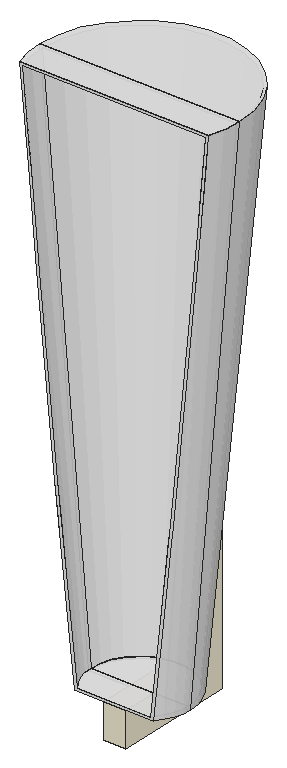
Revit family "3-589-124-Song Bird", category Lighting Fixtures, host Wall, Revit 2019
Family settings
  Host = Wall
  Round Connector Dimension = Use Diameter
  Part Type = Normal
  OmniClass Number = 23.80.70.00
  OmniClass Title = Lighting
  Always vertical = Yes
  Cut with Voids When Loaded = No
  Light Source = Yes
  Shared = No
  Room Calculation Point = No
Parameters (values of type "3-589-124 / Satin Nickel - Matte Opal Glass")
  Wattage Comments = "1 x 10.1W at 120"  # constant formula
  Wattage = 9.2903 W
  built-in parameter 1150110 = 1 (stored number, unit not read)
  Voltage Input = "120 V or 277 V - 50/60 Hz"  # constant formula
  Voltage = 120 V
  URL = "www.oxygenlighting.com"
  built-in parameter 1114217 = 1 (stored number, unit not read)
  built-in parameter 1150109 = 1 (stored number, unit not read)
  built-in parameter 1150134 = (empty or 0)
  built-in parameter 1150113 = 1 (stored number, unit not read)
  References = "Ref. 3 = 120 V / Ref. 37 = 277 V"  # constant formula
  Model = "3-589-124 / SongBird"  # constant formula
  Metal Finish = 24 - Satin Nickel
  Manufacturer = "Oxygen Lighting and Fans"  # constant formula
  Main Diffuser = Matte Opal Glass
  Lumens = 1380 lm
  built-in parameter 1150115 = 1 (stored number, unit not read)
  built-in parameter 1150105 = 109.82 (stored number, unit not read)
  Light Source Symbol Size = 24.00"
  built-in parameter 1150137 = (empty or 0)
  built-in parameter 1150139 = (empty or 0)
  built-in parameter 1150112 = 1 (stored number, unit not read)
  built-in parameter 1150114 = 1 (stored number, unit not read)
  Lamp = "LED Array"  # constant formula
  built-in parameter 1150132 = 2
  built-in parameter 1150102 = (empty or 0)
  built-in parameter 1150138 = (empty or 0)
  built-in parameter 1150107 = 3000 (stored number, unit not read)
  built-in parameter 1150106 = 1.0982 (stored number, unit not read)
  built-in parameter 1150104 = 13.8 (stored number, unit not read)
  Dimming Lamp Color Temperature Shift = <None>
  Color Filter = 16777215
  built-in parameter 1114218 = 1 (stored number, unit not read)
  built-in parameter 1150133 = 10 (stored number, unit not read)
Reference planes (in)
  plane 1: y = 0
  plane 2 "Light Source Axis (L/R)": x = 4.92126
  plane 3 "Light Source Axis (F/R)": y = 4.25
  plane 4 "Light Source Elevation": z = 45.66929
  plane 5: y = 2.95276
  plane 6: z = 53.01424
Text (in)
  text "Placement side" at (-70.3598, 43.96769, 0), in view "Ref. Level"
  text "Placement side" at (0, 83.08644, 117.56134), in view "Left"
  text "Placement side" at (0, 24.74324, 118.58137), in view "Right"
Dimensions and locks (in)
  locked: plane 4 "Light Source Elevation" to plane 6 at 7.34495
  locked: plane 3 "Light Source Axis (F/R)" to plane 5 at 1.29724
  aligned and locked: plane 1 to host wall
  aligned and locked: plane 2 "Light Source Axis (L/R)" to imposter light
  aligned and locked: plane 3 "Light Source Axis (F/R)" to imposter light
  aligned and locked: plane 4 "Light Source Elevation" to imposter light
  aligned and locked: plane 5 to host wall
  aligned and locked: nested 1 to plane 5
  aligned and locked: plane 2 "Light Source Axis (L/R)" to nested 1
  aligned and locked: nested 1 to plane 6
Nested families (in)
  nested 1: "Base Model" at (4.92126, 2.95276, 53.01424), type "Base Model"
Connectors (in)
  electrical at (4.92126, 2.95276, 45.01251), driven by "Voltage"
    settings: on nested 1, index 1, voltage 120 V, apparent load 0 VA, apparent load phase1 0 VA, apparent load phase2 0 VA, apparent load phase3 0 VA, power factor 1, load classification "Other", number of poles 1, system type 31, power factor state 1, is connector primary yes, connector utility no, sub classification motor no, connector description ""
Definition of nested family "Base Model"
  Parameters (values of type "Base Model")
    Metal Finish = none
    Main Diffuser = none
  Reference planes (in)
    plane 1 "Center (Front/Back)": y = 0
    plane 2: z = 0
    plane 3 "Center (Left/Right)": x = 0
  Forms (in)
    Extrusion 1, solid, material <- "Metal Finish"
      sketch origin (0, -2.95276, -58.51813) x (0, 1, 0) y (0, 0, 1)
        loop
          line (5.39389, 42.51468) -> (2.95276, 42.51468) -> (2.95276, 41.51394) -> (6.51187, 41.51394) -> (6.51187, 49.01739) -> (6.00299, 49.01739) -> (5.39389, 42.51468)
      from -0.32 to 0.32
    Revolve 2, solid, material <- "Main Diffuser"
      sketch origin (-4.92126, 0.94002, -58.51813) x (1, 0, 0) y (0, 0, 1)
        loop
          line (7.85858, 58.51813) -> (4.92126, 58.51813) -> (4.92126, 58.43939) -> (7.77245, 58.43939) -> (6.35038, 42.59342) -> (4.92126, 42.59342) -> (4.92126, 42.51468) -> (6.42237, 42.51468) -> (7.85858, 58.51813)
        axis (4.92126, 58.51813) -> (4.92126, 42.51468)
      angle from 0 to 360
    Extrusion 3, void
      sketch origin (0, -2.95276, 0) x (0, 1, 0) y (0, 0, 1)
        loop
          line (0.95547, 0) -> (0.95547, -16.00345) -> (2.95276, -16.00345) -> (2.95276, 0) -> (0.95547, 0)
      from -3.05683 to 3.09869
  Cuts and joins
    Extrusion 3 cuts Extrusion 1
    Extrusion 3 cuts Revolve 2
  Dimensions and locks (in)
    aligned and locked: level to plane 2
